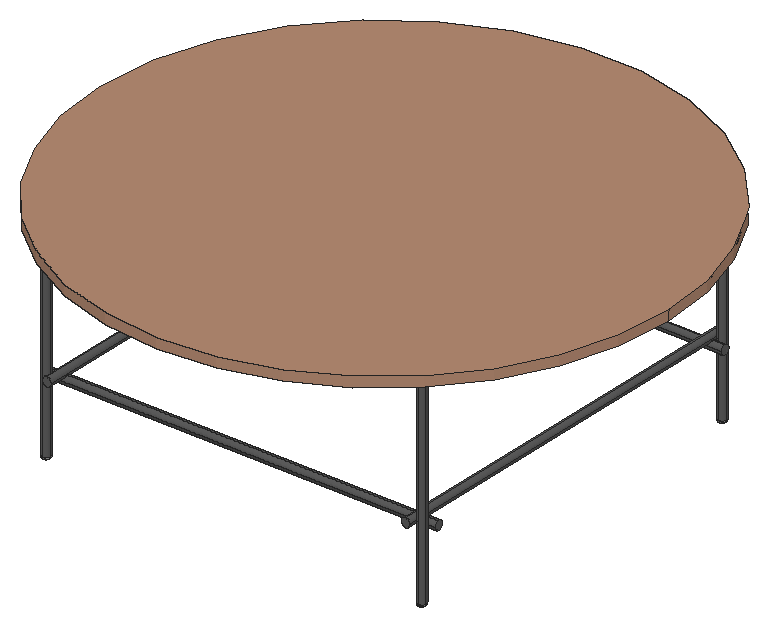
Revit family "FU_Modular_Sandler_NUC0130", category Furniture, Revit 2020
Family settings
  OmniClass Number = 23.40.20.00
  OmniClass Title = General Furniture and Specialties
  Work Plane-Based = No
  Always vertical = Yes
  Cut with Voids When Loaded = No
  Shared = No
  Room Calculation Point = No
Parameters (values of type "NUC0130")
  Width = 1000 mm
  URL = "https://www.sandlerseating.com/product/nuc-0130/"
  Top [instance] = Wood - Oak - Walnut
  Model = "NUC 0130"
  Manufacturer = "Sandler"
  Height = 380 mm
  Frame [instance] = Epoxy - M1_B00 - Black
  Description = "Low table on epoxy steel frame. 100cm / 40″ diameter"
  Depth = 1000 mm
  Default Elevation = 0 mm
Reference planes
  plane 1 "Center (Front/Back)": y = 0
  plane 2: z = 0
  plane 3 "Center (Left/Right)": x = 0
  plane 4 "Right": x = -500
  plane 5 "Left": x = 500
  plane 6 "Back": y = 500
  plane 7 "Front": y = -500
  plane 8 "Height": z = 380
  plane 9 "Top base": z = 362
  plane 10 "Right Inner": x = -468
  plane 11 "Front Inner": y = -468
  plane 12 "Left Inner": x = 468
  plane 13 "Back Inner": y = 468
Forms (mm)
  Extrusion 1, solid, material "Wood - Oak - Walnut" <- "Top"
    sketch origin (0, 0, 362) x (-1, 0, 0) y (0, -1, 0)
      loop
        circle (0, 0) r 500
    from 0 to 18
Dimensions and locks
  equal spacing: plane 4 "Right", plane 3 "Center (Left/Right)", plane 5 "Left"
  "Width": plane 4 "Right" to plane 5 "Left"
  equal spacing: plane 6 "Back", plane 1 "Center (Front/Back)", plane 7 "Front"
  "Depth": plane 6 "Back" to plane 7 "Front"
  "Height": plane 8 "Height" to level
  plane 8 "Height" to plane 9 "Top base" = 18 mm
  locked: plane 6 "Back" to plane 13 "Back Inner" at 32
  locked: plane 4 "Right" to plane 10 "Right Inner" at 32
  locked: plane 11 "Front Inner" to plane 7 "Front" at 32
  locked: plane 12 "Left Inner" to plane 5 "Left" at 32
  aligned and locked: level to plane 2
Automatic sketch dimensions
  plane 1 "Center (Front/Back)" to Extrusion 1 sketch curve = 0 mm
  Extrusion 1 sketch curve to plane 3 "Center (Left/Right)" = 0 mm
  radius of Extrusion 1 sketch curve = 500 mm
Nested families
  nested 1: "NUC_Frame" at (0, 0, 0), Frame <- "Frame", type "Frame 030"
    with Frame Epoxy - M1_B00 - Black, Height 490 mm
Definition of nested family "NUC_Frame"
  Parameters (values of type "Frame 030")
    Width = 758 mm
    URL = ""
    Model = ""
    Manufacturer = ""
    Height = 495 mm
    Frame [instance] = none
    Description = ""
    Depth = 758 mm
    Default Elevation = 0 mm
  Types (3, lengths in mm): name | Width | Depth
    Frame 030 | 758 | 758
    Frame 2 | 600 | 600
    Frame 1 | 400 | 400
  Reference planes
    plane 1 "Center (Front/Back)": y = 0
    plane 2: z = 0
    plane 3 "Center (Left/Right)": x = 0
    plane 4 "Right": x = -379
    plane 5 "Left": x = 379
    plane 6 "Back": y = 379
    plane 7 "Front": y = -379
    plane 8 "Height": z = 495
    plane 9 "Seat base": z = 380
    plane 10 "Cross Right TOP": x = -347.091
    plane 11 "Side Back TOP": y = 346.81
    plane 12 "RL CY TOP": x = -330.061
    plane 13 "RS C TOP": x = -314.848
    plane 14 "BL CX TOP": y = 329.755
    plane 15 "BC C TOP": y = 314.681
    plane 16 "Side Front TOP": y = -346.81
    plane 17 "FL CX TOP": y = -329.755
    plane 18 "FC C TOP": y = -314.229
    plane 19 "Cross Left TOP": x = 347.091
    plane 20 "FL CY TOP": x = 330.061
    plane 21 "LS C TOP": x = 315.785
    plane 22 "Glide FRONT": z = 5.5
    plane 23 "Cross C FRONT": z = 125.125
    plane 24 "Side C RIGHT": z = 132.455
  Forms (mm)
    Sweep 1, solid, material <- "Frame"
      path origin (0, 329.755, 0) x (1, 0, 0) y (0, 0, 1)
        loop
          line (-330.061, 5.5) -> (-330.061, 380)
      profile "Pro_Circles : 15mm" origin (-330.061, 329.755, 192.75) x (-1, 0, 0) y (0, -1, 0)
        loop
          arc (-7.467, 0.067) -> (-5.347, -5.252) -> (-0.067, -7.467) r 7.401
          arc (-0.067, -7.467) -> (5.3, -5.301) -> (7.467, 0.067) r 7.402
          arc (7.467, 0.067) -> (5.252, 5.347) -> (-0.067, 7.467) r 7.401
          arc (-0.067, 7.467) -> (-5.299, 5.299) -> (-7.467, 0.067) r 7.4
    Sweep 2, solid, material <- "Frame"
      path origin (0, -329.755, 0) x (1, 0, 0) y (0, 0, 1)
        loop
          line (-330.061, 5.5) -> (-330.061, 380)
      profile "Pro_Circles : 15mm" origin (-330.061, -329.755, 192.75) x (1, 0, 0) y (0, 1, 0)
        loop
          arc (7.467, 0.067) -> (5.299, 5.299) -> (0.067, 7.467) r 7.4
          arc (0.067, 7.467) -> (-5.252, 5.347) -> (-7.467, 0.067) r 7.401
          arc (-7.467, 0.067) -> (-5.3, -5.301) -> (0.067, -7.467) r 7.402
          arc (0.067, -7.467) -> (5.347, -5.252) -> (7.467, 0.067) r 7.401
    Sweep 3, solid, material <- "Frame"
      path origin (0, 329.755, 0) x (-1, 0, 0) y (0, 0, 1)
        loop
          line (-330.061, 5.5) -> (-330.061, 380)
      profile "Pro_Circles : 15mm" origin (330.061, 329.755, 192.75) x (-1, 0, 0) y (0, -1, 0)
        loop
          arc (7.467, 0.067) -> (5.299, 5.299) -> (0.067, 7.467) r 7.4
          arc (0.067, 7.467) -> (-5.252, 5.347) -> (-7.467, 0.067) r 7.401
          arc (-7.467, 0.067) -> (-5.3, -5.301) -> (0.067, -7.467) r 7.402
          arc (0.067, -7.467) -> (5.347, -5.252) -> (7.467, 0.067) r 7.401
    Sweep 4, solid, material <- "Frame"
      path origin (0, -329.755, 0) x (-1, 0, 0) y (0, 0, 1)
        loop
          line (-330.061, 5.5) -> (-330.061, 380)
      profile "Pro_Circles : 15mm" origin (330.061, -329.755, 192.75) x (1, 0, 0) y (0, 1, 0)
        loop
          arc (-7.467, 0.067) -> (-5.347, -5.252) -> (-0.067, -7.467) r 7.401
          arc (-0.067, -7.467) -> (5.3, -5.301) -> (7.467, 0.067) r 7.402
          arc (7.467, 0.067) -> (5.252, 5.347) -> (-0.067, 7.467) r 7.401
          arc (-0.067, 7.467) -> (-5.299, 5.299) -> (-7.467, 0.067) r 7.4
    Sweep 5, solid, material <- "Frame"
      path origin (0, 314.681, 0) x (1, 0, 0) y (0, 0, 1)
        loop
          line (-347.091, 125.125) -> (347.091, 125.125)
      profile "Pro_Circles : 15mm" origin (0, 314.681, 125.125) x (0, 0, 1) y (0, -1, 0)
        loop
          arc (-7.467, 0.067) -> (-5.347, -5.252) -> (-0.067, -7.467) r 7.401
          arc (-0.067, -7.467) -> (5.3, -5.301) -> (7.467, 0.067) r 7.402
          arc (7.467, 0.067) -> (5.252, 5.347) -> (-0.067, 7.467) r 7.401
          arc (-0.067, 7.467) -> (-5.299, 5.299) -> (-7.467, 0.067) r 7.4
    Sweep 6, solid, material <- "Frame"
      path origin (0, -314.229, 0) x (1, 0, 0) y (0, 0, 1)
        loop
          line (-347.091, 125.125) -> (347.091, 125.125)
      profile "Pro_Circles : 15mm" origin (0, -314.229, 125.125) x (0, 0, -1) y (0, 1, 0)
        loop
          arc (7.467, 0.067) -> (5.299, 5.299) -> (0.067, 7.467) r 7.4
          arc (0.067, 7.467) -> (-5.252, 5.347) -> (-7.467, 0.067) r 7.401
          arc (-7.467, 0.067) -> (-5.3, -5.301) -> (0.067, -7.467) r 7.402
          arc (0.067, -7.467) -> (5.347, -5.252) -> (7.467, 0.067) r 7.401
    Sweep 7, solid, material <- "Frame"
      path origin (0, 0, 132.455) x (0, -1, 0) y (1, 0, 0)
        loop
          line (346.81, -314.848) -> (-346.81, -314.848)
      profile "Pro_Circles : 15mm" origin (-314.848, 0, 132.455) x (-1, 0, 0) y (0, 0, 1)
        loop
          arc (-7.467, 0.067) -> (-5.347, -5.252) -> (-0.067, -7.467) r 7.401
          arc (-0.067, -7.467) -> (5.3, -5.301) -> (7.467, 0.067) r 7.402
          arc (7.467, 0.067) -> (5.252, 5.347) -> (-0.067, 7.467) r 7.401
          arc (-0.067, 7.467) -> (-5.299, 5.299) -> (-7.467, 0.067) r 7.4
    Sweep 8, solid, material <- "Frame"
      path origin (0, 0, 132.455) x (0, -1, 0) y (-1, 0, 0)
        loop
          line (346.81, -315.785) -> (-346.81, -315.785)
      profile "Pro_Circles : 15mm" origin (315.785, 0, 132.455) x (-1, 0, 0) y (0, 0, 1)
        loop
          arc (7.467, 0.067) -> (5.299, 5.299) -> (0.067, 7.467) r 7.4
          arc (0.067, 7.467) -> (-5.252, 5.347) -> (-7.467, 0.067) r 7.401
          arc (-7.467, 0.067) -> (-5.3, -5.301) -> (0.067, -7.467) r 7.402
          arc (0.067, -7.467) -> (5.347, -5.252) -> (7.467, 0.067) r 7.401
    Revolve 9, solid
      sketch origin (0, 329.755, 0) x (1, 0, 0) y (0, 0, 1)
        loop
          line (-337.073, 5.5) -> (-337.073, 2.935)
          arc (-337.073, 2.935) -> (-336.708, 1.769) -> (-335.742, 1.02) r 2.043
          arc (-335.742, 1.02) -> (-332.947, 0.256) -> (-330.061, -0.002) r 16.329
          line (-330.061, -0.002) -> (-330.061, 18.327) -> (-335.144, 18.327) -> (-335.144, 5.5) -> (-337.073, 5.5)
        axis (-330.061, 18.327) -> (-330.061, -0.002)
      angle from 0 to 360
    Revolve 10, solid
      sketch origin (0, 329.755, 0) x (-1, 0, 0) y (0, 0, 1)
        loop
          line (-337.073, 5.5) -> (-337.073, 2.935)
          arc (-337.073, 2.935) -> (-336.708, 1.769) -> (-335.742, 1.02) r 2.043
          arc (-335.742, 1.02) -> (-332.947, 0.256) -> (-330.061, -0.002) r 16.329
          line (-330.061, -0.002) -> (-330.061, 18.327) -> (-335.144, 18.327) -> (-335.144, 5.5) -> (-337.073, 5.5)
        axis (-330.061, 18.327) -> (-330.061, -0.002)
      angle from 0 to 360
    Revolve 11, solid
      sketch origin (0, -329.755, 0) x (1, 0, 0) y (0, 0, 1)
        loop
          line (337.073, 5.5) -> (335.144, 5.5) -> (335.144, 18.327) -> (330.061, 18.327) -> (330.061, -0.002)
          arc (330.061, -0.002) -> (332.947, 0.256) -> (335.742, 1.02) r 16.329
          arc (335.742, 1.02) -> (336.708, 1.769) -> (337.073, 2.935) r 2.043
          line (337.073, 2.935) -> (337.073, 5.5)
        axis (330.061, 18.327) -> (330.061, -0.002)
      angle from 0 to 360
    Revolve 12, solid
      sketch origin (0, -329.755, 0) x (1, 0, 0) y (0, 0, 1)
        loop
          line (-337.073, 5.5) -> (-337.073, 2.935)
          arc (-337.073, 2.935) -> (-336.708, 1.769) -> (-335.742, 1.02) r 2.043
          arc (-335.742, 1.02) -> (-332.947, 0.256) -> (-330.061, -0.002) r 16.329
          line (-330.061, -0.002) -> (-330.061, 18.327) -> (-335.144, 18.327) -> (-335.144, 5.5) -> (-337.073, 5.5)
        axis (-330.061, 18.327) -> (-330.061, -0.002)
      angle from 0 to 360
  Dimensions and locks
    equal spacing: plane 4 "Right", plane 3 "Center (Left/Right)", plane 5 "Left"
    "Width": plane 4 "Right" to plane 5 "Left"
    equal spacing: plane 6 "Back", plane 1 "Center (Front/Back)", plane 7 "Front"
    "Depth": plane 6 "Back" to plane 7 "Front"
    "Height": plane 8 "Height" to level
    plane 8 "Height" to plane 9 "Seat base" = 115 mm
    plane 6 "Back" to plane 11 "Side Back TOP" to plane 14 "BL CX TOP" to plane 15 "BC C TOP" = 32.19 mm locked, 17.055 mm locked, 15.074 mm locked
    plane 4 "Right" to plane 10 "Cross Right TOP" to plane 12 "RL CY TOP" to plane 13 "RS C TOP" = 31.909 mm locked, 17.03 mm locked, 15.213 mm locked
    plane 21 "LS C TOP" to plane 20 "FL CY TOP" to plane 19 "Cross Left TOP" to plane 5 "Left" = 14.275 mm locked, 17.03 mm locked, 31.909 mm locked
    plane 18 "FC C TOP" to plane 17 "FL CX TOP" to plane 16 "Side Front TOP" to plane 7 "Front" = 15.526 mm locked, 17.055 mm locked, 32.19 mm locked
    aligned and locked: level to plane 2
    aligned and locked: plane 9 "Seat base" to Sweep 1 sketch curve
    aligned and locked: plane 22 "Glide FRONT" to Sweep 1 sketch curve
    aligned and locked: plane 19 "Cross Left TOP" to Sweep 5 sketch curve
    aligned and locked: plane 10 "Cross Right TOP" to Sweep 5 sketch curve
    aligned and locked: plane 11 "Side Back TOP" to Sweep 7 sketch curve
    aligned and locked: plane 16 "Side Front TOP" to Sweep 7 sketch curve
  Automatic sketch dimensions
    plane 12 "RL CY TOP" to Sweep 1 sketch curve = 0 mm
    Sweep 2 sketch curve to plane 9 "Seat base" = 0 mm
    plane 12 "RL CY TOP" to Sweep 2 sketch curve = 0 mm
    Sweep 2 sketch curve to plane 22 "Glide FRONT" = 0 mm
    Sweep 3 sketch curve to plane 9 "Seat base" = 0 mm
    Sweep 3 sketch curve to plane 20 "FL CY TOP" = 0 mm
    Sweep 3 sketch curve to plane 22 "Glide FRONT" = 0 mm
    Sweep 4 sketch curve to plane 9 "Seat base" = 0 mm
    Sweep 4 sketch curve to plane 20 "FL CY TOP" = 0 mm
    Sweep 4 sketch curve to plane 22 "Glide FRONT" = 0 mm
    Sweep 5 sketch curve to plane 23 "Cross C FRONT" = 0 mm
    plane 10 "Cross Right TOP" to Sweep 6 sketch curve = 0 mm
    Sweep 6 sketch curve to plane 19 "Cross Left TOP" = 0 mm
    Sweep 6 sketch curve to plane 23 "Cross C FRONT" = 0 mm
    Sweep 7 sketch curve to plane 13 "RS C TOP" = 0 mm
    plane 11 "Side Back TOP" to Sweep 8 sketch curve = 0 mm
    Sweep 8 sketch curve to plane 16 "Side Front TOP" = 0 mm
    Sweep 8 sketch curve to plane 21 "LS C TOP" = 0 mm
    Revolve 9 sketch curve to plane 22 "Glide FRONT" = 0 mm
    plane 12 "RL CY TOP" to Revolve 9 sketch curve = 0 mm  (x2)
    plane 12 "RL CY TOP" to Revolve 9 sketch curve = 4.969 mm
    plane 12 "RL CY TOP" to Revolve 9 sketch curve = 5.083 mm
    Revolve 9 sketch curve to Revolve 9 sketch curve = 1.929 mm
    Revolve 9 sketch curve to plane 12 "RL CY TOP" = 0.006 mm
    Revolve 9 sketch curve to Revolve 9 sketch curve = 2.565 mm
    Revolve 9 sketch curve to level = 0.002 mm
    plane 22 "Glide FRONT" to Revolve 9 sketch curve = 10.827 mm
    Revolve 9 sketch curve to Revolve 9 sketch curve = 2 mm
    Revolve 9 sketch curve to Revolve 9 sketch curve = 3.769 mm
    Revolve 9 sketch curve to Revolve 9 sketch curve = 2.902 mm
    Revolve 10 sketch curve to plane 22 "Glide FRONT" = 0 mm
    Revolve 10 sketch curve to plane 20 "FL CY TOP" = 0 mm  (x2)
    Revolve 10 sketch curve to plane 20 "FL CY TOP" = 4.969 mm
    Revolve 10 sketch curve to plane 20 "FL CY TOP" = 5.083 mm
    Revolve 10 sketch curve to Revolve 10 sketch curve = 1.929 mm
    plane 20 "FL CY TOP" to Revolve 10 sketch curve = 0.006 mm
    plane 22 "Glide FRONT" to Revolve 10 sketch curve = 2.565 mm
    level to Revolve 10 sketch curve = 0.002 mm
    Revolve 10 sketch curve to plane 22 "Glide FRONT" = 10.827 mm
    Revolve 10 sketch curve to Revolve 10 sketch curve = 2 mm
    Revolve 10 sketch curve to Revolve 10 sketch curve = 3.769 mm
    Revolve 10 sketch curve to Revolve 10 sketch curve = 2.902 mm
    Revolve 11 sketch curve to plane 20 "FL CY TOP" = 0 mm  (x2)
    Revolve 11 sketch curve to plane 22 "Glide FRONT" = 0 mm
    plane 20 "FL CY TOP" to Revolve 11 sketch curve = 0.006 mm
    Revolve 11 sketch curve to plane 20 "FL CY TOP" = 4.969 mm
    Revolve 11 sketch curve to plane 20 "FL CY TOP" = 5.083 mm
    Revolve 11 sketch curve to Revolve 11 sketch curve = 1.929 mm
    plane 22 "Glide FRONT" to Revolve 11 sketch curve = 2.565 mm
    level to Revolve 11 sketch curve = 0.002 mm
    Revolve 11 sketch curve to plane 22 "Glide FRONT" = 10.827 mm
    Revolve 11 sketch curve to Revolve 11 sketch curve = 2 mm
    Revolve 11 sketch curve to Revolve 11 sketch curve = 3.769 mm
    Revolve 11 sketch curve to Revolve 11 sketch curve = 2.902 mm
    Revolve 12 sketch curve to plane 22 "Glide FRONT" = 0 mm
    plane 12 "RL CY TOP" to Revolve 12 sketch curve = 0 mm  (x2)
    Revolve 12 sketch curve to plane 12 "RL CY TOP" = 4.969 mm
    Revolve 12 sketch curve to plane 12 "RL CY TOP" = 5.083 mm
    Revolve 12 sketch curve to Revolve 12 sketch curve = 1.929 mm
    plane 12 "RL CY TOP" to Revolve 12 sketch curve = 0.006 mm
    Revolve 12 sketch curve to Revolve 12 sketch curve = 2.565 mm
    level to Revolve 12 sketch curve = 0.002 mm
    Revolve 12 sketch curve to plane 22 "Glide FRONT" = 10.827 mm
    Revolve 12 sketch curve to Revolve 12 sketch curve = 2 mm
    Revolve 12 sketch curve to Revolve 12 sketch curve = 3.769 mm
    Revolve 12 sketch curve to Revolve 12 sketch curve = 2.902 mm
